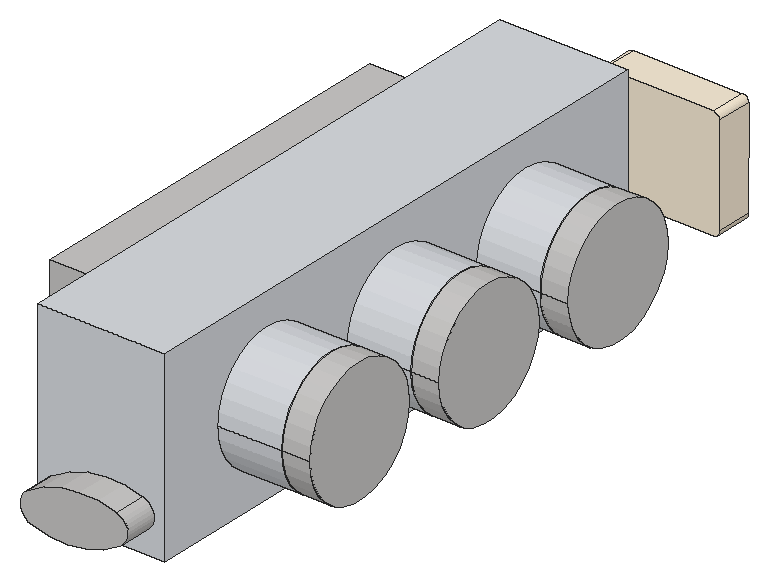
Revit family "HVAC_Ductwork_Airzone_Motorized-Plenum_Toshiba_Standard_3-Dampers", category Mechanical Equipment, Revit 2016
Family settings
  Part Type = Normal
  Round Connector Dimension = Use Diameter
  OmniClass Number = 23.75.70.14
  OmniClass Title = Air Ductwork
  Work Plane-Based = No
  Always vertical = Yes
  Cut with Voids When Loaded = No
  Shared = No
  Room Calculation Point = No
Parameters (values of type "TOSST03S3")
  Voltage = 230 V
  URL = "www.airzone.es"
  Type Image Comments = "Image available in product documentation download"  # constant formula
  Revit Model Version = "1.0"  # constant formula
  Revit Model Author URL = "www.a3d.es"
  Revit Model Author = "A3D Consulting"  # constant formula
  Product Documentation Download URL = "http://doc.airzone.es/BIM/Easyzone/Toshiba-Airzone_motorized_plenum.zip"
  Product Comments = "Refer to technical documentation for further details"  # constant formula
  Power Factor = 1
  Neck Width = 643.600 mm
  Neck Length = 95.000 mm
  Neck Height = 183.600 mm
  Material = Metal - AIRZONE - Galvanized Sheet - Semi-polished
  Main Control Board Material = Plastic - AIRZONE - Smooth - Off-white
  Load Classification = Other
  Insulated Body Width = 205.000 mm  # constant formula
  Insulated Body Material = Metal -AIRZONE - Insulating Lining -Aluminum Finish
  Insulated Body Length = 930.000 mm  # constant formula
  Insulated Body Height = 300.000 mm  # constant formula
  Flow [instance] = Damper 3 Air Flow + Damper 2 Air Flow + Damper 1 Air Flow - Fresh Air Inlet 2 Flow - Fresh Air Inlet 1 Flow  # 900 m³/h
  Fresh Air Inlet 1 Flow [instance] = 0 m³/h
  Fresh Air Inlet 2 Flow [instance] = 0 m³/h
  Fresh Air Inlet Connection Width = 175.000 mm
  Fresh Air Inlet Connection Height = 75.000 mm
  Model = "TOSST03S3"
  Neck Side Offset = 143.200 mm
  Neck Bottom Offset = 83.200 mm
  Type Image = <None>
  Manufacturer = "AIRZONE"  # constant formula
  Main Control Board Depth = 57.000 mm  # constant formula
  Main Control Board Width = 195.000 mm  # constant formula
  Main Control Board Height = 180.000 mm  # constant formula
  Fixing = ""
  Disclaimer = "All information provided in this model is reviewed before being published. However, Airzone cannot guarantee this model is error-free, therefore users are strongly encouraged to check for technical documentation and updates"  # constant formula
  Description = "Airzone standard motorized plenum with neck that mechanically adapts to the main ducted AC units of Toshiba."
  Type Comments = ""
  Dampers Length = 149.000 mm  # constant formula
  Dampers Diameter = 200.000 mm  # constant formula
  Damper 1 Air Flow [instance] = 300 m³/h
  Damper 2 Air Flow [instance] = 300 m³/h
  Damper 3 Air Flow [instance] = 300 m³/h
  Fresh Air Inlet Connection Offset Height = 48.305 mm  # constant formula
  Compatible Accesories = ""
  Apparent Load = 57.5 VA
Types (4, lengths in mm): name | Neck Width | Neck Height | Model | Neck Side Offset | Neck Bottom Offset
  TOSST03S3 | 643.600 | 183.600 | "TOSST03S3" | 143.200 | 83.200
  TOSST02S3 | 505.600 | 220.600 | "TOSST02S3" | 252.200 | 39.700
  TOSST02XS3 | 355.600 | 220.600 | "TOSST02XS3" | 327.200 | 39.700
  TOSST01S3 | 513.600 | 213.600 | "TOSST01S3" | 248.200 | 48.200
Reference planes
  plane 1 "Center (Front/Back)": y = 0
  plane 2 "Center (Elevation)": z = 0
  plane 3 "Center (Left/Right)": x = 0
  plane 4 "Neck Back": y = 321.8
  plane 5 "Neck Front": y = -321.8
  plane 6 "Neck Top": z = 91.8
  plane 7 "Neck Bottom": z = -91.8
  plane 8 "Left": x = 95
  plane 9 "Bottom": z = -175
  plane 10 "Top": z = 125
  plane 11 "Front": y = -465
  plane 12 "Back": y = 465
  plane 13 "Right": x = 300
  plane 14 "Dampers Front": x = 449
  plane 15 "Dampers Center (Elevation)": z = -25
  plane 16 "Damper3": y = -260
  plane 17 "Damper2": y = 0
  plane 18 "Damper1": y = 260
  plane 19 "Middle": y = 0
  plane 20 "FreshAir Center (Elevation)": z = -126.695
  plane 21 "FreshAir1": y = 517.5
  plane 22 "FreshAir2": y = -517.5
  plane 23 "Dampers Lining": x = 404
  plane 24 "FreshAir Vertical Axis": x = 195.83
  plane 25 "ConnectionBox Side": x = 254
  plane 26 "Main Control Board Center (Left/Right)": x = 351.5
Forms (mm)
  Extrusion 1, solid, material "Metal - AIRZONE - Galvanized Sheet - Semi-polished" <- "Material"
    sketch origin (0, 0, 0) x (0, 1, 0) y (0, 0, 1)
      loop
        line (-321.8, 91.8) -> (-321.8, -91.8) -> (321.8, -91.8) -> (321.8, 91.8) -> (-321.8, 91.8)
    from 0 to 95
  Extrusion 2, solid, material "Metal -AIRZONE - Insulating Lining -Aluminum Finish" <- "Insulated Body Material"
    sketch origin (95, 0, 0) x (0, 1, 0) y (0, 0, 1)
      loop
        line (-465, 125) -> (-465, -175) -> (465, -175) -> (465, 125) -> (-465, 125)
    from 0 to 205
  Extrusion 3, solid, material "Metal - AIRZONE - Galvanized Sheet - Semi-polished" <- "Material"
    sketch origin (300, 0, 0) x (0, 1, 0) y (0, 0, 1)
      loop
        circle (-260, -25) r 100
    from 104 to 149
  Extrusion 4, solid, material "Metal - AIRZONE - Galvanized Sheet - Semi-polished" <- "Material"
    sketch origin (300, 0, 0) x (0, 1, 0) y (0, 0, 1)
      loop
        circle (0, -25) r 100
    from 104 to 149
  Extrusion 5, solid, material "Metal - AIRZONE - Galvanized Sheet - Semi-polished" <- "Material"
    sketch origin (300, 0, 0) x (0, 1, 0) y (0, 0, 1)
      loop
        circle (260, -25) r 100
    from 104 to 149
  Extrusion 6, solid, material "Metal - AIRZONE - Galvanized Sheet - Semi-polished" <- "Material"
    sketch origin (0, -465, 0) x (0, 0, 1) y (1, 0, 0)
      loop
        arc (-94.141, 265.204) -> (-115.608, 282.105) -> (-140.312, 270.434) r 25.96
        arc (-140.312, 270.434) -> (-166.302, 200.598) -> (-158.849, 126.456) r 164.67
        arc (-158.849, 126.456) -> (-137.665, 109.589) -> (-112.994, 120.751) r 25.96
        arc (-112.994, 120.751) -> (-86.725, 190.78) -> (-94.141, 265.204) r 164.67
    from 0 to -52.5
  Extrusion 7, solid, material "Metal - AIRZONE - Galvanized Sheet - Semi-polished" <- "Material"
    sketch origin (0, 465, 0) x (0, 0, 1) y (1, 0, 0)
      loop
        arc (-94.141, 265.204) -> (-115.325, 282.071) -> (-139.996, 270.909) r 25.96
        arc (-139.996, 270.909) -> (-166.179, 201.53) -> (-159.267, 127.699) r 164.67
        arc (-159.267, 127.699) -> (-138.032, 109.637) -> (-112.678, 121.226) r 25.96
        arc (-112.678, 121.226) -> (-86.688, 191.062) -> (-94.141, 265.204) r 164.67
    from 0 to 52.5
  Extrusion 8, solid, material "Metal -AIRZONE - Insulating Lining -Aluminum Finish" <- "Insulated Body Material"
    sketch origin (300, 0, 0) x (0, 1, 0) y (0, 0, 1)
      loop
        circle (260, -25) r 100
    from 0 to 104
  Extrusion 9, solid, material "Metal -AIRZONE - Insulating Lining -Aluminum Finish" <- "Insulated Body Material"
    sketch origin (300, -260, 0) x (0, 1, 0) y (0, 0, 1)
      loop
        circle (260, -25) r 100
    from 0 to 104
  Extrusion 10, solid, material "Metal -AIRZONE - Insulating Lining -Aluminum Finish" <- "Insulated Body Material"
    sketch origin (300, -520, 0) x (0, 1, 0) y (0, 0, 1)
      loop
        circle (260, -25) r 100
    from 0 to 104
Lines and regions (mm)
  Masking region 1
    outline origin (0, 0, 0) x (1, 0, 0) y (0, 1, 0)
      loop
        line (95, 465) -> (95, -465) -> (300, -465) -> (300, 465) -> (95, 465)
  Masking region 2, detail levels medium+fine
    outline origin (0, 0, 0) x (1, 0, 0) y (0, 1, 0)
      loop
        line (0, 321.8) -> (0, -321.8) -> (95, -321.8) -> (95, 321.8) -> (0, 321.8)
  Masking region 3, detail levels medium+fine
    outline origin (0, 0, 0) x (1, 0, 0) y (0, 1, 0)
      loop
        line (300, -160) -> (300, -360) -> (449, -360) -> (449, -160) -> (300, -160)
  Masking region 4, detail levels medium+fine
    outline origin (0, 260, 0) x (1, 0, 0) y (0, 1, 0)
      loop
        line (300, -160) -> (300, -360) -> (449, -360) -> (449, -160) -> (300, -160)
  Masking region 5, detail levels medium+fine
    outline origin (0, 520, 0) x (1, 0, 0) y (0, 1, 0)
      loop
        line (300, -160) -> (300, -360) -> (449, -360) -> (449, -160) -> (300, -160)
  Masking region 6, detail levels medium+fine
    outline origin (0, 0, -126.695) x (1, 0, 0) y (0, 1, 0)
      loop
        line (108.33, 517.5) -> (108.33, 465) -> (283.33, 465) -> (283.33, 517.5) -> (108.33, 517.5)
  Masking region 7, detail levels medium+fine
    outline origin (0, 0, -126.695) x (1, 0, 0) y (0, 1, 0)
      loop
        line (108.33, -465) -> (108.33, -517.5) -> (283.33, -517.5) -> (283.33, -465) -> (108.33, -465)
  Masking region 8, detail levels medium+fine
    outline origin (0, 0, 125) x (0, -1, 0) y (1, 0, 0)
      loop
        line (-522, 254) -> (-465, 254) -> (-465, 449) -> (-522, 449) -> (-522, 254)
  symbolic lines, detail levels coarse
    curve 1: line (95, -465, 0) -> (300, 0, 0)
    curve 2: line (300, 0, 0) -> (95, 465, 0)
Dimensions and locks
  equal spacing: plane 4 "Neck Back", plane 1 "Center (Front/Back)", plane 5 "Neck Front"
  "Neck Width": plane 4 "Neck Back" to plane 5 "Neck Front"
  equal spacing: plane 6 "Neck Top", level, plane 7 "Neck Bottom"
  "Neck Height": plane 6 "Neck Top" to plane 7 "Neck Bottom"
  "Neck Length": plane 3 "Center (Left/Right)" to plane 8 "Left"
  "Neck Bottom Offset": plane 7 "Neck Bottom" to plane 9 "Bottom"
  "Insulated Body Height": plane 10 "Top" to plane 9 "Bottom"
  "Insulated Body Length": plane 12 "Back" to plane 11 "Front"
  "Insulated Body Width": plane 8 "Left" to plane 13 "Right"
  "Dampers Length": plane 13 "Right" to plane 14 "Dampers Front"
  equal spacing: plane 10 "Top", plane 15 "Dampers Center (Elevation)", plane 9 "Bottom"
  plane 18 "Damper1" to plane 17 "Damper2" to plane 16 "Damper3" = 260.000 mm locked, 260.000 mm locked
  equal spacing: plane 12 "Back", plane 19 "Middle", plane 11 "Front"
  plane 8 "Left" to plane 13 "Right" = 205.000 mm
  "Fresh Air Inlet Connection Offset Height": plane 20 "FreshAir Center (Elevation)" to plane 9 "Bottom"
  locked: Extrusion 6 sketch curve to plane 9 "Bottom" at 56.47
  locked: plane 13 "Right" to Extrusion 6 sketch curve at 43.69
  locked: plane 13 "Right" to Extrusion 6 sketch curve at 164.65
  locked: Extrusion 6 sketch curve to plane 9 "Bottom" at 40.54
  locked: plane 13 "Right" to Extrusion 6 sketch curve at 87.91
  locked: plane 9 "Bottom" to Extrusion 6 sketch curve at 75.01
  locked: plane 13 "Right" to Extrusion 6 sketch curve at 120.43
  locked: Extrusion 6 sketch curve to plane 9 "Bottom" at 172.02
  locked: plane 13 "Right" to Extrusion 7 sketch curve at 43.69
  locked: Extrusion 7 sketch curve to plane 9 "Bottom" at 56.47
  locked: Extrusion 7 sketch curve to plane 9 "Bottom" at 40.54
  locked: plane 13 "Right" to Extrusion 7 sketch curve at 164.65
  locked: plane 13 "Right" to Extrusion 7 sketch curve at 120.43
  locked: Extrusion 7 sketch curve to plane 9 "Bottom" at 172.02
  locked: plane 9 "Bottom" to Extrusion 7 sketch curve at 75.01
  locked: plane 13 "Right" to Extrusion 7 sketch curve at 87.91
  "Neck Side Offset": plane 12 "Back" to plane 4 "Neck Back"
  equal spacing: plane 12 "Back", plane 17 "Damper2", plane 11 "Front"
  locked: plane 21 "FreshAir1" to plane 12 "Back" at 52.5
  plane 11 "Front" to plane 22 "FreshAir2" = 52.500 mm
  locked: connector elem to plane 13 "Right" at 104.17
  locked: plane 20 "FreshAir Center (Elevation)" to connector elem
  locked: plane 13 "Right" to connector elem at 104.17
  locked: connector elem to plane 20 "FreshAir Center (Elevation)"
  locked: plane 23 "Dampers Lining" to plane 14 "Dampers Front" at 45
  locked: plane 24 "FreshAir Vertical Axis" to plane 13 "Right" at 104.17
  equal spacing: Masking region 3 sketch curve, plane 16 "Damper3", Masking region 3 sketch curve
  "Dampers Diameter": Masking region 3 sketch curve to Masking region 3 sketch curve
  equal spacing: Masking region 4 sketch curve, plane 17 "Damper2", Masking region 4 sketch curve
  "Dampers Diameter": Masking region 4 sketch curve to Masking region 4 sketch curve
  equal spacing: Masking region 5 sketch curve, plane 18 "Damper1", Masking region 5 sketch curve
  "Dampers Diameter": Masking region 5 sketch curve to Masking region 5 sketch curve
  equal spacing: Masking region 6 sketch curve, plane 24 "FreshAir Vertical Axis", Masking region 6 sketch curve
  "Fresh Air Inlet Connection Width": Masking region 6 sketch curve to Masking region 6 sketch curve
  equal spacing: Masking region 7 sketch curve, plane 24 "FreshAir Vertical Axis", Masking region 7 sketch curve
  "Fresh Air Inlet Connection Width": Masking region 7 sketch curve to Masking region 7 sketch curve
  "Main Control Board Depth": Masking region 8 sketch curve to plane 12 "Back"
  "Main Control Board Width": plane 25 "ConnectionBox Side" to plane 14 "Dampers Front"
  equal spacing: plane 25 "ConnectionBox Side", plane 26 "Main Control Board Center (Left/Right)", plane 14 "Dampers Front"
  locked: nested 1 to plane 10 "Top" at 10
  "Dampers Diameter": diameter of Extrusion 3 sketch curve
  "Dampers Diameter": diameter of Extrusion 4 sketch curve
  "Dampers Diameter": diameter of Extrusion 5 sketch curve
  radius of Extrusion 7 sketch curve = 164.670 mm  (x2)
  radius of Extrusion 7 sketch curve = 25.960 mm  (x2)
  radius of Extrusion 6 sketch curve = 164.670 mm  (x2)
  radius of Extrusion 6 sketch curve = 25.960 mm  (x2)
  "Dampers Diameter": diameter of Extrusion 8 sketch curve
  "Dampers Diameter": diameter of Extrusion 9 sketch curve
  "Dampers Diameter": diameter of Extrusion 10 sketch curve
  aligned and locked: level to plane 2 "Center (Elevation)"
  aligned and locked: plane 5 "Neck Front" to Extrusion 1 sketch curve
  aligned and locked: Extrusion 1 sketch curve to plane 6 "Neck Top"
  aligned and locked: Extrusion 1 sketch curve to plane 4 "Neck Back"
  aligned and locked: plane 7 "Neck Bottom" to Extrusion 1 sketch curve
  aligned and locked: Extrusion 1 to plane 3 "Center (Left/Right)"
  aligned and locked: Extrusion 2 sketch curve to plane 10 "Top"
  aligned and locked: Extrusion 2 sketch curve to plane 12 "Back"
  aligned and locked: plane 9 "Bottom" to Extrusion 2 sketch curve
  aligned and locked: plane 11 "Front" to Extrusion 2 sketch curve
  aligned and locked: plane 13 "Right" to Extrusion 2
  aligned and locked: Extrusion 2 to plane 8 "Left"
  aligned and locked: plane 16 "Damper3" to Extrusion 3 sketch curve
  aligned and locked: plane 15 "Dampers Center (Elevation)" to Extrusion 3 sketch curve
  aligned and locked: plane 17 "Damper2" to Extrusion 4 sketch curve
  aligned and locked: plane 15 "Dampers Center (Elevation)" to Extrusion 4 sketch curve
  aligned and locked: plane 18 "Damper1" to Extrusion 5 sketch curve
  aligned and locked: plane 15 "Dampers Center (Elevation)" to Extrusion 5 sketch curve
  aligned and locked: plane 14 "Dampers Front" to Extrusion 5
  aligned and locked: plane 14 "Dampers Front" to Extrusion 4
  aligned and locked: plane 14 "Dampers Front" to Extrusion 3
  aligned and locked: plane 8 "Left" to Extrusion 1
  aligned and locked: plane 22 "FreshAir2" to Extrusion 6
  aligned and locked: plane 21 "FreshAir1" to Extrusion 7
  aligned and locked: Extrusion 7 to plane 12 "Back"
  aligned and locked: plane 11 "Front" to Extrusion 6
  aligned and locked: Extrusion 5 to plane 23 "Dampers Lining"
  aligned and locked: Extrusion 5 to Extrusion 4
  aligned and locked: Extrusion 4 to Extrusion 3
  aligned and locked: plane 23 "Dampers Lining" to Extrusion 8
  aligned and locked: Extrusion 10 to plane 13 "Right"
  aligned and locked: plane 23 "Dampers Lining" to Extrusion 10
  aligned and locked: Extrusion 9 to plane 13 "Right"
  aligned and locked: plane 23 "Dampers Lining" to Extrusion 9
  aligned and locked: Extrusion 8 to plane 13 "Right"
  aligned and locked: Extrusion 9 to Extrusion 8
  aligned and locked: plane 18 "Damper1" to Extrusion 8 sketch curve
  aligned and locked: plane 15 "Dampers Center (Elevation)" to Extrusion 8 sketch curve
  aligned and locked: plane 17 "Damper2" to Extrusion 9 sketch curve
  aligned and locked: plane 15 "Dampers Center (Elevation)" to Extrusion 9 sketch curve
  aligned and locked: plane 16 "Damper3" to Extrusion 10 sketch curve
  aligned and locked: plane 15 "Dampers Center (Elevation)" to Extrusion 10 sketch curve
  aligned and locked: Masking region 1 sketch curve to plane 12 "Back"
  aligned and locked: plane 8 "Left" to Masking region 1 sketch curve
  aligned and locked: Masking region 1 sketch curve to plane 13 "Right"
  aligned and locked: plane 11 "Front" to Masking region 1 sketch curve
  aligned and locked: plane 5 "Neck Front" to Masking region 2 sketch curve
  aligned and locked: plane 3 "Center (Left/Right)" to Masking region 2 sketch curve
  aligned and locked: Masking region 2 sketch curve to plane 4 "Neck Back"
  aligned and locked: Masking region 2 sketch curve to plane 8 "Left"
  aligned and locked: plane 13 "Right" to Masking region 3 sketch curve
  aligned and locked: Masking region 3 sketch curve to plane 14 "Dampers Front"
  aligned and locked: plane 13 "Right" to Masking region 4 sketch curve
  aligned and locked: Masking region 4 sketch curve to plane 14 "Dampers Front"
  aligned and locked: plane 13 "Right" to Masking region 5 sketch curve
  aligned and locked: Masking region 5 sketch curve to plane 14 "Dampers Front"
  aligned and locked: plane 12 "Back" to Masking region 6 sketch curve
  aligned and locked: Masking region 6 sketch curve to plane 21 "FreshAir1"
  aligned and locked: Masking region 7 sketch curve to plane 11 "Front"
  aligned and locked: Masking region 7 sketch curve to plane 22 "FreshAir2"
  aligned and locked: plane 12 "Back" to Masking region 8 sketch curve
  aligned and locked: Masking region 8 sketch curve to plane 14 "Dampers Front"
  aligned and locked: plane 25 "ConnectionBox Side" to Masking region 8 sketch curve
  aligned and locked: nested 1 to plane 26 "Main Control Board Center (Left/Right)"
Automatic sketch dimensions
  curve 2 to plane 8 "Left" = 0.000 mm
  curve 1 to plane 8 "Left" = 0.000 mm
  curve 1 to plane 13 "Right" = 0.000 mm
  curve 1 to plane 11 "Front" = 0.000 mm
  curve 2 to plane 17 "Damper2" = 0.000 mm
  curve 2 to plane 12 "Back" = 0.000 mm
Nested families
  nested 1: "Airzone_Main-Control-Board" at (351.5, 465, 25) x (-1, 0, 0) z (0, 1, 0), Extrusion <- "Main Control Board Depth", Height <- "Main Control Board Height", Width <- "Main Control Board Width", Material <- "Main Control Board Material", type "Standard"
    with Width 195.000 mm, Material Plastic - AIRZONE - Smooth - Off-white, Height 180.000 mm, Extrusion 57.000 mm
Connectors
  hvac at (449, -260, -25), driven by "Damper 3 Air Flow", driven by "Dampers Diameter"
    settings: on Extrusion 3, index 1, duct flow 300 m³/h, flow factor 0, pres drop 0.0 Pa, loss coef 0, conn angle 0.00°, conn width 304.8 mm, conn height 304.8 mm, conn diameter 200 mm, duct sys type 1, conn prof type 0, flow config 0, flow direction 2, loss method 0, conn ref index -1, conn util no, is conn primary no, conn desc "Supply Air Out 3"
  hvac at (449, 0, -25), driven by "Damper 2 Air Flow", driven by "Dampers Diameter"
    settings: on Extrusion 4, index 2, duct flow 300 m³/h, flow factor 0, pres drop 0.0 Pa, loss coef 0, conn angle 0.00°, conn width 304.8 mm, conn height 304.8 mm, conn diameter 200 mm, duct sys type 1, conn prof type 0, flow config 0, flow direction 2, loss method 0, conn ref index -1, conn util no, is conn primary no, conn desc "Supply Air Out 2"
  hvac at (449, 260, -25), driven by "Damper 1 Air Flow", driven by "Dampers Diameter"
    settings: on Extrusion 5, index 3, duct flow 300 m³/h, flow factor 0, pres drop 0.0 Pa, loss coef 0, conn angle 0.00°, conn width 304.8 mm, conn height 304.8 mm, conn diameter 200 mm, duct sys type 1, conn prof type 0, flow config 0, flow direction 2, loss method 0, conn ref index -1, conn util no, is conn primary no, conn desc "Supply Air Out 1"
  hvac at (0, 0, 0), driven by "Flow", driven by "Neck Height", driven by "Neck Width"
    settings: on Extrusion 1, index 6, duct flow 900 m³/h, flow factor 0, pres drop 0.0 Pa, loss coef 0, conn angle 0.00°, conn width 643.6 mm, conn height 183.6 mm, conn diameter 609.6 mm, duct sys type 1, conn prof type 1, flow config 1, flow direction 1, loss method 0, conn ref index -1, conn util no, is conn primary yes, conn desc "Supply Air In"
  hvac at (195.83, -517.5, -126.695), driven by "Fresh Air Inlet 2 Flow", driven by "Fresh Air Inlet Connection Width", driven by "Fresh Air Inlet Connection Height"
    settings: index 7, duct flow 0 m³/h, flow factor 0, pres drop 0.0 Pa, loss coef 0, conn angle 0.00°, conn width 175 mm, conn height 75 mm, conn diameter 609.6 mm, duct sys type 1, conn prof type 2, flow config 1, flow direction 1, loss method 0, conn ref index -1, conn util no, is conn primary no, conn desc "Fresh Air In 2"
  hvac at (195.83, 517.5, -126.695), driven by "Fresh Air Inlet 1 Flow", driven by "Fresh Air Inlet Connection Height", driven by "Fresh Air Inlet Connection Width"
    settings: index 8, duct flow 0 m³/h, flow factor 0, pres drop 0.0 Pa, loss coef 0, conn angle 0.00°, conn width 175 mm, conn height 75 mm, conn diameter 609.6 mm, duct sys type 1, conn prof type 2, flow config 1, flow direction 1, loss method 0, conn ref index -1, conn util no, is conn primary no, conn desc "Fresh Air In 1"
  electrical at (351.5, 522, 25), driven by "Load Classification", driven by "Voltage", driven by "Apparent Load", driven by "Power Factor"
    settings: on nested 1, index 9, voltage 230 V, apparent load 57.5 VA, apparent load phase1 0 VA, apparent load phase2 0 VA, apparent load phase3 0 VA, power factor 1, load classification "Other", number of poles 1, system type 30, power factor state 1, is connector primary yes, connector utility no, sub classification motor no, connector description "Power Supply"
Definition of nested family "Airzone_Main-Control-Board"
  Parameters (values of type "Standard")
    Width [instance] = 195.000 mm
    URL = "www.airzone.es"
    Revit Model Version = "1.0"  # constant formula
    Revit Model Author URL = "www.a3d.es"
    Revit Model Author = "A3D Consulting"  # constant formula
    Material [instance] = none
    Manufacturer = "AIRZONE"  # constant formula
    Height [instance] = 180.000 mm
    Extrusion [instance] = 57.000 mm
    Default Elevation = 0.000 mm
  Reference planes
    plane 1 "Center (Front/Back)": y = 0
    plane 2: z = 0
    plane 3 "Center (Left/Right)": x = 0
    plane 4: y = 90
    plane 5: y = -90
    plane 6: x = 97.5
    plane 7: x = -97.5
  Forms (mm)
    Extrusion 1, solid, material <- "Material"
      sketch origin (0, 0, 0) x (1, 0, 0) y (0, 1, 0)
        loop
          arc (-87.5, 90) -> (-94.571, 87.071) -> (-97.5, 80) r 10
          line (-97.5, 80) -> (-97.5, -80)
          arc (-97.5, -80) -> (-94.571, -87.071) -> (-87.5, -90) r 10
          line (-87.5, -90) -> (87.5, -90)
          arc (87.5, -90) -> (94.571, -87.071) -> (97.5, -80) r 10
          line (97.5, -80) -> (97.5, 80)
          arc (97.5, 80) -> (94.571, 87.071) -> (87.5, 90) r 10
          line (87.5, 90) -> (-87.5, 90)
      from 0 to 57 <- "Extrusion"
  Dimensions and locks
    equal spacing: plane 7, plane 3 "Center (Left/Right)", plane 6
    equal spacing: plane 4, plane 1 "Center (Front/Back)", plane 5
    "Width": plane 7 to plane 6
    "Height": plane 4 to plane 5
    radius of Extrusion 1 sketch curve = 10.000 mm  (x4)
    aligned and locked: level to plane 2
    aligned and locked: plane 5 to Extrusion 1 sketch curve
    aligned and locked: Extrusion 1 sketch curve to plane 6
    aligned and locked: Extrusion 1 sketch curve to plane 4
    aligned and locked: plane 7 to Extrusion 1 sketch curve
